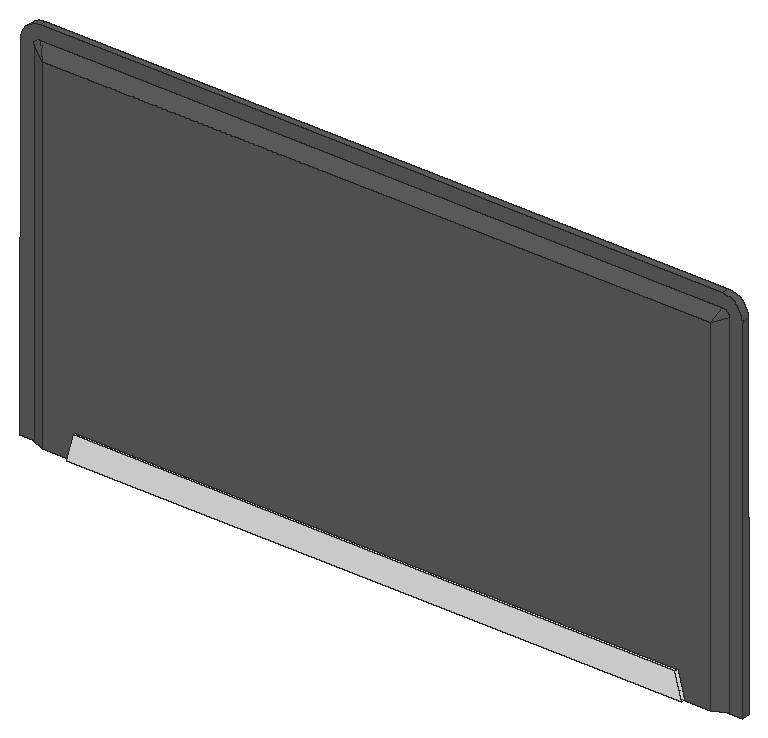
Revit family "Screen-Desk_Mounted-Teknion-JNSAEW-Felt_Elevated-R2015", category Furniture, Revit 2015
Parameters (values of type "Standard Width")
  Width [instance] = 54.000"
  Warranty = "http://www.teknion.com/ca/papers/legal-canada"
  Unit Weight URL = "http://www.teknion.com/ca/tools/assets#&asset=bee6a381-b954-425e-8283-5a2de3a804f2,f828d448-4b62-4231-9e5f-9a8991c0ed77"
  URL = "www.teknion.com"
  Sustainability Data = "http://www.teknion.com/ca/tools/assets#&topic=216f99a5-57a0-44fc-b10a-9dee9b29ae4c&asset=444deb64-fe58-4b68-981e-f75e97781df7"
  Series = "Expansion Cityline"  # constant formula
  Product Page URL = "http://www.teknion.com/ca/products/product-details?productlineid=9ad2a26e-8e7a-673b-a6c8-ff05004460c4"
  Product Line = "Expansion Cityline"  # constant formula
  Product Documentation Link = "http://www.teknion.com/pricing/expansion-cityline/pdfs/JNSAEW_ppg.pdf"
  Part Number = "JNSAEW"  # constant formula
  Note [instance] = "Widths can be specified from a range of 18 to 84 inches in 3 inch increments. Available Heights are 42, 51, 57 inches."  # constant formula
  Model = "JNSAEW"  # constant formula
  Manufacturer Phone = "416-661-3370"  # constant formula
  Manufacturer Fax = "416.661.4586"  # constant formula
  Manufacturer Contact Information = "http://www.teknion.com/ca/contactus"
  Manufacturer Address = "1150 Flint Road, Toronto, ON. M3J 2J5. Canada"  # constant formula
  Manufacturer = "Teknion"  # constant formula
  Height [instance] = 57.000"
  Hardware Finish [instance] = Mica - Teknion - V - Satin - Very White
  Felt Finish [instance] = Fabric-Teknion-RB11-Carbon
  Description = "Felt Add-On Screen – Desk-Mounted"  # constant formula
  Assembly Code = "E2020200"
Reference planes (in)
  plane 1 "Center Front/Back": y = 0
  plane 2: z = 0
  plane 3 "Center Left/Right": x = 0
  plane 4 "Left": x = -27
  plane 5 "Right": x = 27
  plane 6 "Back": y = 0.27559
  plane 7 "Front": y = -0.27559
  plane 8 "Top": z = 57
  plane 9: y = -0.70276
  plane 10: y = 0.70276
  plane 11: z = 29
Forms (in)
  Extrusion 1, solid, material "Fabric-Teknion-RB11-Carbon" <- "Felt Finish"
    sketch origin (54, -9.70276, 0) x (1, 0, 0) y (0, 0, 1)
      loop
        line (-28.5, 57) -> (-79.5, 57)
        arc (-79.5, 57) -> (-80.56066, 56.56066) -> (-81, 55.5) r 1.5
        line (-81, 55.5) -> (-81, 29) -> (-27, 29) -> (-27, 55.5)
        arc (-27, 55.5) -> (-27.43934, 56.56066) -> (-28.5, 57) r 1.5
    from -9.97835 to -9.42717
  Blend 2, solid, material "Fabric-Teknion-RB11-Carbon" <- "Felt Finish"
    base sketch origin (54, -0.70276, 0) x (-1, 0, 0) y (0, 0, 1)
      loop
        line (79.49996, 56) -> (28.50004, 56)
        arc (28.50004, 56) -> (28.14646, 55.85354) -> (28, 55.49996) r 0.50004
        line (28, 55.49996) -> (28, 29) -> (80, 29) -> (80, 55.49996)
        arc (80, 55.49996) -> (79.85354, 55.85354) -> (79.49996, 56) r 0.50004
    top sketch origin (54, -0.70276, 0) x (-1, 0, 0) y (0, 0, 1)
      loop
        line (29.04834, 54.95166) -> (29.04834, 29) -> (78.95166, 29) -> (78.95166, 54.95166) -> (29.04834, 54.95166)
    from 0.97835 to 1.40551
  Blend 3, solid, material "Fabric-Teknion-RB11-Carbon" <- "Felt Finish"
    base sketch origin (54, 0.70276, 0) x (-1, 0, 0) y (0, 0, -1)
      loop
        arc (79.49996, -56) -> (79.85354, -55.85354) -> (80, -55.49996) r 0.50004
        line (80, -55.49996) -> (80, -29) -> (28, -29) -> (28, -55.49996)
        arc (28, -55.49996) -> (28.14646, -55.85354) -> (28.50004, -56) r 0.50004
        line (28.50004, -56) -> (79.49996, -56)
    top sketch origin (54, 0.70276, 0) x (-1, 0, 0) y (0, 0, -1)
      loop
        line (29.04834, -54.95166) -> (78.95166, -54.95166) -> (78.95166, -29) -> (29.04834, -29) -> (29.04834, -54.95166)
    from 0.97835 to 1.40551
  Extrusion 4, solid, material "Mica - Teknion - V - Satin - Very White" <- "Hardware Finish"
    sketch origin (0, 0, 0) x (1, 0, 0) y (0, 0, 1)
      loop
        line (-22.99882, 29) -> (22.99882, 29) -> (22.5, 30.88976) -> (-22.5, 30.88976) -> (-22.99882, 29)
    from 0.70276 to 0.94488
  Extrusion 5, solid, material "Mica - Teknion - V - Satin - Very White" <- "Hardware Finish"
    sketch origin (0, 0, 0) x (1, 0, 0) y (0, 0, -1)
      loop
        line (-22.99882, -29) -> (-22.5, -30.88976) -> (22.5, -30.88976) -> (22.99882, -29) -> (-22.99882, -29)
    from 0.70276 to 0.94488
Lines and regions (in)
  Masking region 1
    outline origin (0, 0, 0) x (1, 0, 0) y (0, 1, 0)
      loop
        line (-27, 0.27559) -> (-27, -0.27559) -> (27, -0.27559) -> (27, 0.27559) -> (-27, 0.27559)
  Masking region 2
    outline origin (0, 0, 0) x (1, 0, 0) y (0, 1, 0)
      loop
        line (-26, 0.27559) -> (26, 0.27559) -> (24.95166, 0.70276) -> (-24.95166, 0.70276) -> (-26, 0.27559)
  Masking region 3
    outline origin (0, 0, 0) x (1, 0, 0) y (0, 1, 0)
      loop
        line (-24.95166, -0.70276) -> (24.95166, -0.70276) -> (26, -0.27559) -> (-26, -0.27559) -> (-24.95166, -0.70276)
  Masking region 4
    outline origin (0, 0, 0) x (1, 0, 0) y (0, 1, 0)
      loop
        line (-22.99882, 0.70276) -> (22.99882, 0.70276) -> (22.99882, 0.94488) -> (-22.99882, 0.94488) -> (-22.99882, 0.70276)
  Masking region 5
    outline origin (0, 0, 0) x (1, 0, 0) y (0, 1, 0)
      loop
        line (22.99882, -0.70276) -> (-22.99882, -0.70276) -> (-22.99882, -0.94488) -> (22.99882, -0.94488) -> (22.99882, -0.70276)
  reference lines, not visible
    curve 1: line (-27, 0.27559, 0) -> (-27, -0.27559, 0)
    curve 2: line (-27, 0.27559, 0) -> (27, 0.27559, 0)
    curve 3: line (-27, -0.27559, 0) -> (27, -0.27559, 0)
    curve 4: line (27, 0.27559, 0) -> (27, -0.27559, 0)
Dimensions and locks (in)
  "Width": plane 4 "Left" to plane 5 "Right"
  plane 6 "Back" to plane 1 "Center Front/Back" to plane 7 "Front" = 0.27559" locked, 0.27559" locked
  "Height": plane 8 "Top" to level
  locked: Blend 3 sketch curve to plane 4 "Left" at 2.04834
  locked: plane 8 "Top" to Blend 3 sketch curve at 2.04834
  locked: Blend 3 sketch curve to plane 5 "Right" at 2.04834
  locked: plane 8 "Top" to Blend 3 sketch curve at 1
  locked: plane 8 "Top" to Blend 3 sketch curve at 1.50004  (x2)
  locked: Blend 3 sketch curve to plane 5 "Right" at 1.50004
  locked: Blend 3 sketch curve to plane 4 "Left" at 1.50004
  locked: Blend 3 sketch curve to plane 4 "Left" at 1
  locked: Blend 3 sketch curve to plane 5 "Right" at 1
  locked: Extrusion 1 sketch curve to plane 4 "Left" at 1.5
  locked: plane 8 "Top" to Extrusion 1 sketch curve at 1.5  (x2)
  locked: Extrusion 1 sketch curve to plane 5 "Right" at 1.5
  locked: Blend 2 sketch curve to plane 4 "Left" at 2.04834
  locked: plane 8 "Top" to Blend 2 sketch curve at 2.04834
  locked: Blend 2 sketch curve to plane 2 at 29
  locked: Blend 2 sketch curve to plane 5 "Right" at 2.04834
  locked: plane 8 "Top" to Blend 2 sketch curve at 1
  locked: plane 8 "Top" to Blend 2 sketch curve at 1.50004  (x2)
  locked: Blend 2 sketch curve to plane 5 "Right" at 1.50004
  locked: Blend 2 sketch curve to plane 4 "Left" at 1.50004
  locked: Blend 2 sketch curve to plane 5 "Right" at 1
  locked: Blend 2 sketch curve to plane 4 "Left" at 1
  locked: plane 1 "Center Front/Back" to plane 10 at 0.70276
  locked: plane 9 to plane 1 "Center Front/Back" at 0.70276
  equal spacing: plane 4 "Left", plane 3 "Center Left/Right", plane 5 "Right"
  Masking region 2 sketch curve to Masking region 2 sketch curve to plane 5 "Right" = 1.04834" locked, 1.000" locked
  plane 4 "Left" to Masking region 2 sketch curve to Masking region 2 sketch curve = 1.000" locked, 1.04834" locked
  Masking region 3 sketch curve to Masking region 3 sketch curve to plane 5 "Right" = 1.04834" locked, 1.000" locked
  plane 4 "Left" to Masking region 3 sketch curve to Masking region 3 sketch curve = 1.000" locked, 1.04834" locked
  locked: Blend 3 sketch curve to plane 2 at 29
  locked: plane 11 to plane 2 at 29
  Extrusion 4 sketch curve to Extrusion 4 sketch curve to plane 5 "Right" = 0.49882" locked, 4.00118" locked
  Extrusion 4 sketch curve to Extrusion 4 sketch curve to plane 4 "Left" = 0.49882" locked, 4.00118" locked
  locked: Extrusion 4 sketch curve to plane 11 at 1.88976
  Extrusion 5 sketch curve to Extrusion 5 sketch curve to plane 5 "Right" = 0.49882" locked, 4.00118" locked
  Extrusion 5 sketch curve to Extrusion 5 sketch curve to plane 4 "Left" = 0.49882" locked, 4.00118" locked
  locked: plane 11 to Extrusion 5 sketch curve at 1.88976
  locked: plane 9 to Extrusion 4 at 0.24213
  locked: Extrusion 5 to plane 10 at 0.24213
  aligned and locked: level to plane 2
  aligned and locked: Extrusion 1 sketch curve to plane 4 "Left"
  aligned and locked: Extrusion 1 sketch curve to plane 5 "Right"
  aligned and locked: plane 8 "Top" to Extrusion 1 sketch curve
  aligned and locked: Blend 2 to plane 6 "Back"
  aligned and locked: Blend 3 to plane 7 "Front"
  aligned and locked: Blend 2 to plane 10
  aligned and locked: Blend 3 to plane 9
  aligned and locked: Masking region 1 sketch curve to plane 4 "Left"
  aligned and locked: Masking region 1 sketch curve to plane 6 "Back"
  aligned and locked: Masking region 1 sketch curve to plane 7 "Front"
  aligned and locked: plane 5 "Right" to Masking region 1 sketch curve
  aligned and locked: Masking region 2 sketch curve to Blend 2  (x2)
  aligned and locked: Masking region 3 sketch curve to Blend 3  (x2)
  aligned and locked: Extrusion 4 to plane 9
  aligned and locked: Extrusion 1 sketch curve to plane 11
  aligned and locked: plane 11 to Blend 3 sketch curve
  aligned and locked: Blend 2 sketch curve to plane 11
  aligned and locked: Extrusion 1 to plane 6 "Back"
  aligned and locked: Extrusion 1 to plane 7 "Front"
  aligned and locked: plane 11 to Extrusion 4 sketch curve
  aligned and locked: Extrusion 5 sketch curve to plane 11
  aligned and locked: Extrusion 5 to plane 10
  aligned and locked: curve 1 to plane 4 "Left"
  aligned and locked: curve 2 to plane 6 "Back"
  aligned and locked: curve 3 to plane 7 "Front"
  aligned and locked: plane 5 "Right" to curve 4
Automatic sketch dimensions
  Masking region 5 sketch curve to plane 9 = 0.000"
  plane 4 "Left" to Masking region 5 sketch curve = 4.00118"
  Masking region 5 sketch curve to plane 9 = 0.24213"
  plane 5 "Right" to Masking region 5 sketch curve = 4.00118"
  Masking region 4 sketch curve to plane 10 = 0.000"
  plane 10 to Masking region 4 sketch curve = 0.24213"
  plane 4 "Left" to Masking region 4 sketch curve = 4.00118"
  plane 5 "Right" to Masking region 4 sketch curve = 4.00118"
